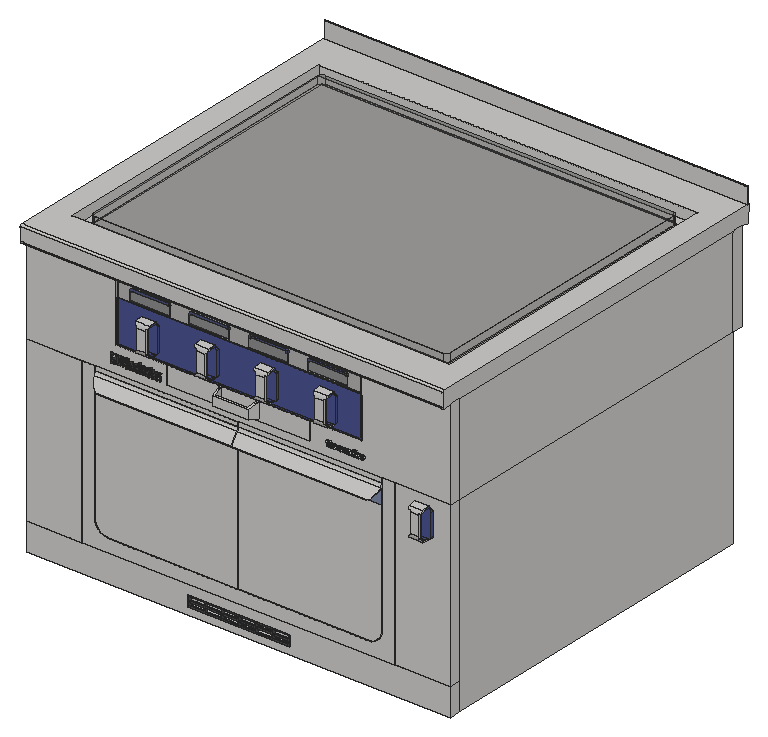
Revit family "QF_ELECTROLUXPROFESSIONAL_589699_MCLQEBJ4AO", category Attrezzature speciali, Revit 2020
Family settings
  Quota connettore circolare = Usa diametro
  Tipo di parte = Normale
  Basato su piano di lavoro = No
  Sempre verticale = Sì
  Taglio con vuoti quando caricato = No
  Condiviso = No
  Punto di calcolo locali = No
Parameters (values of type "Standard")
  Weight = 193.00 kg
  Watts = 18300 W
  Volts = 400 V
  URL Manufacturer = "https://www.electroluxprofessional.com/"
  URL = "https://www.electroluxprofessional.com/"
  Steam Supply Size = 0"
  Steam Supply Minimum Pressure = 0.00 psi
  Steam Supply Maximum Pressure = 0.00 psi
  Steam Consumption per Hour = 0
  Refrigeration Suction Line Size = 0 mm
  Refrigeration Liquid Line Size = 0 mm
  Refrigerant Compressor Remote = yes
  Prospetto di default = 0 mm
  Phase = 3
  Modello = "MCLQEBJ4AO"
  Produttore = "Electrolux Professional"
  Length Actual = 1000 mm  # constant formula
  Item Number = "589699"
  Hot Water Size = 0"
  Height Actual = 700 mm  # constant formula
  HP = "24.5 HP"
  Gas Size = 0"
  Gas KW = 0
  Gas Input Pressure = 0.0 Btu/h
  Direct Waste Size = 0"
  Descrizione = "EL.SOLID T,ECO,WARM.CAB.1S,BS,1000X900X7"
  Depth Actual = 900 mm  # constant formula
  Cycle = 50 Hz
  Condensate Return Size = 0"
  Compressed Air Volume = 0 GPM
  Compressed Air Size = 0"
  Compressed Air Pressure = 0.00 psi
  Cold Water Size = 0"
  Accessory = yes
Reference planes
  plane 1 "BACK": y = 0
  plane 2: z = 0
  plane 3 "LEFT": x = -100
  plane 4 "RIGHT": x = 900
  plane 5 "FRONT": y = -900
  plane 6 "TOP": z = 900
  plane 7 "Center (Left/Right)": x = 400
  plane 8: y = -450
  plane 9: z = 200
  plane 10: y = -150
  plane 11 "Panel": y = -855
  plane 12: z = 798
  plane 13: z = 1327
  plane 14: x = -22
  plane 15: x = 822
  plane 16: y = -150
  plane 17: y = -650
  plane 18 "EIx": x = 855
  plane 19 "EIy": y = -685
  plane 20: y = -880
  plane 21: z = 938
Forms (mm)
  Extrusion 1, solid, material "QF_Finishes_Stainless Steel"
    sketch origin (-178.969, -4572, 200) x (-1, 0, 0) y (0, -1, 0)
      loop
        line (-78.969, -4527) -> (-78.969, -3717) -> (-1078.969, -3717) -> (-1078.969, -4527) -> (-78.969, -4527)
    from 450 to 663
  Extrusion 2, solid, material "QF_Finishes_Stainless Steel"
    sketch origin (-100, 0, 0) x (0, 1, 0) y (0, 0, 1)
      loop
        line (-855, 200) -> (-855, 265) -> (-880, 265) -> (-880, 200) -> (-855, 200)
    from 0 to 1000
  Extrusion 3, solid, material "QF_Finishes_Stainless Steel"
    sketch origin (-488.969, -4662, 200) x (-1, 0, 0) y (0, -1, 0)
      loop
        circle (-1343.969, -3977) r 6.35
    from 0 to -11.851
  Extrusion 4, solid, material "QF_Finishes_Stainless Steel"
    sketch origin (400, 296.4, 1219.2) x (0, 1, 0) y (0, 0, 1)
      loop
        line (-296.4, -319.2) -> (-1191.4, -319.2)
        arc (-1191.4, -319.2) -> (-1194.935, -320.664) -> (-1196.4, -324.2) r 5
        line (-1196.4, -324.2) -> (-1196.4, -355.2)
        arc (-1196.4, -355.2) -> (-1194.971, -358.264) -> (-1191.705, -359.139) r 4
        line (-1191.705, -359.139) -> (-1176.4, -356.231) -> (-316.4, -356.231) -> (-301.094, -359.139)
        arc (-301.094, -359.139) -> (-297.829, -358.264) -> (-296.4, -355.2) r 4
        line (-296.4, -355.2) -> (-296.4, -319.2)
    from -500 to 500
  Extrusion 5, solid, material "QF_Finishes_Electrolux_Black Smoke Iluminated"
    sketch origin (0, 0, 900) x (-1, 0, 0) y (0, -1, 0)
      loop
        arc (12, 109) -> (19.071, 111.929) -> (22, 119) r 10
        line (22, 119) -> (22, 780)
        arc (22, 780) -> (19.071, 787.071) -> (12, 790) r 10
        line (12, 790) -> (-812, 790)
        arc (-812, 790) -> (-819.071, 787.071) -> (-822, 780) r 10
        line (-822, 780) -> (-822, 119)
        arc (-822, 119) -> (-819.071, 111.929) -> (-812, 109) r 10
        line (-812, 109) -> (12, 109)
    from 0 to -20
  Extrusion 6, solid, material "QF_Finishes_Stainless Steel"
    sketch origin (-178.969, -4572, 200) x (-1, 0, 0) y (0, -1, 0)
      loop
        line (-78.969, -4527) -> (-78.969, -3717) -> (-1078.969, -3717) -> (-1078.969, -4527) -> (-78.969, -4527)
    from 450 to 0
  Extrusion 7, void
    sketch origin (0, -855, 0) x (-1, 0, 0) y (0, 0, 1)
      loop
        line (-520, 216.594) -> (-280, 216.594) -> (-280, 241.594) -> (-520, 241.594) -> (-520, 216.594)
    from 0 to -25
  Extrusion 8, solid, material "QF_Finishes_Black"
    sketch origin (0, -855, 0) x (-1, 0, 0) y (0, 0, 1)
      loop
        line (-280, 241.594) -> (-520, 241.594) -> (-520, 216.594) -> (-280, 216.594) -> (-280, 241.594)
      loop
        line (-282, 239.594) -> (-319.131, 239.594) -> (-319.131, 230.094) -> (-282, 230.094) -> (-282, 239.594)
      loop
        line (-282, 218.594) -> (-282, 228.094) -> (-319.131, 228.094) -> (-319.131, 218.594) -> (-282, 218.594)
      loop
        line (-321.131, 239.594) -> (-359.066, 239.594) -> (-359.066, 230.094) -> (-321.131, 230.094) -> (-321.131, 239.594)
      loop
        line (-399, 239.594) -> (-399, 230.094) -> (-361.066, 230.094) -> (-361.066, 239.594) -> (-399, 239.594)
      loop
        line (-401, 239.594) -> (-438.934, 239.594) -> (-438.934, 230.094) -> (-401, 230.094) -> (-401, 239.594)
      loop
        line (-359.066, 218.594) -> (-321.131, 218.594) -> (-321.131, 228.094) -> (-359.066, 228.094) -> (-359.066, 218.594)
      loop
        line (-361.066, 218.594) -> (-361.066, 228.094) -> (-399, 228.094) -> (-399, 218.594) -> (-361.066, 218.594)
      loop
        line (-401, 228.094) -> (-438.934, 228.094) -> (-438.934, 218.594) -> (-401, 218.594) -> (-401, 228.094)
      loop
        line (-518, 239.594) -> (-518, 230.094) -> (-480.869, 230.094) -> (-480.869, 239.594) -> (-518, 239.594)
      loop
        line (-518, 218.594) -> (-480.869, 218.594) -> (-480.869, 228.094) -> (-518, 228.094) -> (-518, 218.594)
      loop
        line (-478.869, 239.594) -> (-478.869, 230.094) -> (-440.934, 230.094) -> (-440.934, 239.594) -> (-478.869, 239.594)
      loop
        line (-440.934, 218.594) -> (-440.934, 228.094) -> (-478.869, 228.094) -> (-478.869, 218.594) -> (-440.934, 218.594)
    from -25.03 to -20
  Extrusion 9, void
    sketch origin (0, 0, 900) x (-1, 0, 0) y (0, -1, 0)
      loop
        line (47, 815) -> (-847, 815) -> (-847, 84) -> (47, 84) -> (47, 815)
    from 0 to -25
  Extrusion 10, solid, material "QF_Finishes_Stainless Steel"
    sketch origin (0, 0, 900) x (-1, 0, 0) y (0, -1, 0)
      loop
        line (18, 113) -> (18, 786) -> (-818, 786) -> (-818, 113) -> (18, 113)
    from -20 to -25
  Extrusion 11, solid, material "QF_Finishes_Stainless Steel"
    sketch origin (400, 296.4, 1219.169) x (0, 1, 0) y (0, 0, 1)
      loop
        line (-341.4, -356.2) -> (-341.4, -569.2) -> (-316.4, -569.2) -> (-316.4, -356.2) -> (-341.4, -356.2)
    from -500 to 500
  Extrusion 12, solid, material "QF_Finishes_Stainless Steel"
    sketch origin (0, -900, 0) x (1, 0, 0) y (0, 0, 1)
      loop
        line (-100, 649.969) -> (-100, 265) -> (30, 265) -> (30, 649.969) -> (-100, 649.969)
      loop
        line (900, 650) -> (770, 650) -> (770, 265) -> (900, 265) -> (900, 650)
    from -45 to -20
  Extrusion 13, solid, material "QF_Finishes_Stainless Steel"
    sketch origin (0, -900, 0) x (1, 0, 0) y (0, 0, 1)
      loop
        line (32, 265) -> (768, 265) -> (768, 650) -> (740, 650) -> (740, 327)
        arc (740, 327) -> (730.627, 304.373) -> (708, 295) r 32
        line (708, 295) -> (92, 295)
        arc (92, 295) -> (69.373, 304.373) -> (60, 327) r 32
        line (60, 327) -> (60, 649.969) -> (32, 649.969) -> (32, 265)
    from -45 to -20
  Extrusion 14, solid, material "QF_Finishes_Stainless Steel"
    sketch origin (-100, 0, 0) x (0, 1, 0) y (0, 0, 1)
      loop
        line (0, 900) -> (0, 938) -> (-2, 938) -> (-2, 900) -> (0, 900)
    from 0 to 1000
Cuts and joins
  Extrusion 7 cuts Extrusion 6
  Extrusion 7 cuts Extrusion 2
  Extrusion 9 cuts Extrusion 4
Lines and regions (mm)
  symbolic lines
    curve 1: line (-100, 0, 200) -> (900, 0, 200)
    curve 2: line (-100, -900, 200) -> (-100, 0, 200)
    curve 3: line (900, -900, 200) -> (-100, -900, 200)
    curve 4: line (900, 0, 200) -> (900, -900, 200)
    curve 5: line (812, -109, 200) -> (-12, -109, 200)
    curve 6: line (-22, -119, 200) -> (-22, -780, 200)
    curve 7: line (-12, -790, 200) -> (812, -790, 200)
    curve 8: line (822, -780, 200) -> (822, -119, 200)
    curve 9: arc (-12, -109, 200) -> (-19.071, -111.929, 200) -> (-22, -119, 200) r 10
    curve 10: arc (822, -119, 200) -> (819.071, -111.929, 200) -> (812, -109, 200) r 10
    curve 11: arc (812, -790, 200) -> (819.071, -787.071, 200) -> (822, -780, 200) r 10
    curve 12: arc (-22, -780, 200) -> (-19.071, -787.071, 200) -> (-12, -790, 200) r 10
    curve 13: line (847, -84, 900) -> (-47, -84, 900)
    curve 14: line (-47, -84, 900) -> (-47, -815, 900)
    curve 15: line (847, -815, 900) -> (847, -84, 900)
    curve 16: line (-47, -815, 900) -> (847, -815, 900)
  model lines, style "SpecialityEquipment"
    curve 17: arc (634, -211, 900) -> (580.967, -339.033, 900) -> (709, -286, 900) r 75
    curve 18: line (689, -286, 900) -> (729, -286, 900)
    curve 19: line (729, -286, 900) -> (709, -266, 900)
    curve 20: line (689, -286, 900) -> (709, -266, 900)
    curve 21: arc (166, -211, 900) -> (112.967, -339.033, 900) -> (241, -286, 900) r 75
    curve 22: line (221, -286, 900) -> (261, -286, 900)
    curve 23: line (261, -286, 900) -> (241, -266, 900)
    curve 24: line (221, -286, 900) -> (241, -266, 900)
    curve 25: arc (634, -539, 900) -> (580.967, -667.033, 900) -> (709, -614, 900) r 75
    curve 26: line (689, -614, 900) -> (729, -614, 900)
    curve 27: line (729, -614, 900) -> (709, -594, 900)
    curve 28: line (689, -614, 900) -> (709, -594, 900)
    curve 29: arc (166, -539, 900) -> (112.967, -667.033, 900) -> (241, -614, 900) r 75
    curve 30: line (221, -614, 900) -> (261, -614, 900)
    curve 31: line (261, -614, 900) -> (241, -594, 900)
    curve 32: line (221, -614, 900) -> (241, -594, 900)
  symbolic lines, style "SpecialityEquipment"
    curve 33: line (-100, -2, 0) -> (900, -2, 0)
Dimensions and locks
  plane 3 "LEFT" to plane 4 "RIGHT" = 1000 mm
  plane 5 "FRONT" to plane 1 "BACK" = 900 mm
  plane 3 "LEFT" to plane 7 "Center (Left/Right)" to plane 4 "RIGHT" = 500 mm, 500 mm
  equal spacing: plane 5 "FRONT", plane 8, plane 1 "BACK"
  plane 6 "TOP" to level = 900 mm  (x2)
  plane 9 to level = 200 mm
  plane 1 "BACK" to plane 10 to plane 11 "Panel" = 150 mm, 705 mm  (x2)
  plane 6 "TOP" to plane 9 to level = 700 mm, 200 mm
  plane 1 "BACK" to plane 5 "FRONT" = 900 mm
  plane 1 "BACK" to Extrusion 3 = 685 mm
  plane 12 to plane 9 = 598 mm
  plane 13 to plane 6 "TOP" = 427 mm
  plane 6 "TOP" to plane 12 = 102 mm
  plane 14 to plane 3 "LEFT" = 78 mm
  plane 15 to plane 4 "RIGHT" = 78 mm
  locked: plane 1 "BACK" to plane 16 at 150
  locked: plane 16 to plane 17 at 500
  plane 11 "Panel" to plane 5 "FRONT" = 45 mm
  plane 18 "EIx" to plane 4 "RIGHT" = 45 mm
  plane 19 "EIy" to plane 1 "BACK" = 685 mm
  locked: plane 11 "Panel" to plane 20 at 25
  plane 21 to plane 6 "TOP" = 38 mm
  aligned and locked: level to plane 2
  aligned and locked: Extrusion 2 to plane 4 "RIGHT"
  aligned and locked: cut or joined group of Extrusion 4, Extrusion 9 to plane 3 "LEFT"
  aligned and locked: cut or joined group of Extrusion 4, Extrusion 9 to plane 4 "RIGHT"
  aligned and locked: cut or joined group of Extrusion 6, Extrusion 7 to plane 4 "RIGHT"
  aligned and locked: cut or joined group of Extrusion 6, Extrusion 7 to plane 3 "LEFT"
  aligned and locked: nested 2 to plane 11 "Panel"
  aligned and locked: Extrusion 1 to plane 11 "Panel"
  aligned and locked: plane 11 "Panel" to cut or joined group of Extrusion 2, Extrusion 7
  aligned and locked: nested 1 to plane 20
  aligned and locked: Extrusion 11 to plane 4 "RIGHT"
  aligned and locked: Extrusion 1 to plane 3 "LEFT"
  aligned and locked: Extrusion 11 to plane 3 "LEFT"
  aligned and locked: Extrusion 1 to plane 4 "RIGHT"
  aligned and locked: plane 7 "Center (Left/Right)" to nested 3
  aligned and locked: cut or joined group of Extrusion 6, Extrusion 7 to nested 3
  aligned and locked: Extrusion 12 to nested 2
  aligned and locked: plane 20 to Extrusion 12
  aligned and locked: plane 11 "Panel" to Extrusion 13
  aligned and locked: plane 20 to Extrusion 13
Automatic sketch dimensions
  curve 33 to plane 3 "LEFT" = 0 mm
  curve 33 to plane 4 "RIGHT" = 0 mm
  plane 1 "BACK" to curve 33 = 2 mm
  Extrusion 1 sketch curve to plane 4 "RIGHT" = 0 mm
  Extrusion 1 sketch curve to plane 3 "LEFT" = 0 mm
  Extrusion 1 sketch curve to plane 11 "Panel" = 0 mm
  plane 1 "BACK" to Extrusion 1 sketch curve = 45 mm
  Extrusion 2 sketch curve to plane 9 = 0 mm
  Extrusion 2 sketch curve to plane 20 = 0 mm
  Extrusion 2 sketch curve to plane 11 "Panel" = 0 mm
  plane 9 to Extrusion 2 sketch curve = 65 mm
  plane 1 "BACK" to curve 1 = 0 mm
  curve 1 to plane 4 "RIGHT" = 0 mm
  curve 8 to plane 15 = 0 mm
  curve 6 to plane 14 = 0 mm
  curve 2 to plane 3 "LEFT" = 0 mm
  plane 5 "FRONT" to curve 3 = 0 mm
  plane 15 to curve 5 = 10 mm
  plane 15 to curve 11 = 10 mm
  curve 5 to plane 14 = 10 mm
  curve 12 to curve 12 = 10 mm
  plane 10 to curve 5 = 41 mm
  plane 11 "Panel" to curve 11 = 75 mm
  Extrusion 3 sketch curve to plane 18 "EIx" = 0 mm
  Extrusion 3 sketch curve to plane 19 "EIy" = 0 mm
  Extrusion 4 sketch curve to plane 5 "FRONT" = 0 mm
  Extrusion 4 sketch curve to plane 6 "TOP" = 0 mm
  Extrusion 4 sketch curve to plane 20 = 0 mm
  Extrusion 4 sketch curve to plane 1 "BACK" = 0 mm
  Extrusion 4 sketch curve to Extrusion 4 sketch curve = 4 mm
  Extrusion 4 sketch curve to Extrusion 4 sketch curve = 0.695 mm
  Extrusion 4 sketch curve to plane 5 "FRONT" = 5 mm
  plane 1 "BACK" to Extrusion 4 sketch curve = 20 mm
  plane 1 "BACK" to Extrusion 4 sketch curve = 4.695 mm
  plane 1 "BACK" to Extrusion 4 sketch curve = 4 mm
  Extrusion 4 sketch curve to Extrusion 4 sketch curve = 31 mm
  Extrusion 4 sketch curve to Extrusion 4 sketch curve = 36 mm
  Extrusion 4 sketch curve to Extrusion 4 sketch curve = 2.909 mm
  Extrusion 5 sketch curve to plane 15 = 0 mm
  Extrusion 5 sketch curve to plane 14 = 0 mm
  plane 15 to Extrusion 5 sketch curve = 10 mm  (x2)
  Extrusion 5 sketch curve to Extrusion 5 sketch curve = 10 mm  (x2)
  plane 10 to Extrusion 5 sketch curve = 41 mm
  plane 11 "Panel" to Extrusion 5 sketch curve = 75 mm
  Extrusion 6 sketch curve to plane 4 "RIGHT" = 0 mm
  Extrusion 6 sketch curve to plane 3 "LEFT" = 0 mm
  Extrusion 6 sketch curve to plane 11 "Panel" = 0 mm
  plane 1 "BACK" to Extrusion 6 sketch curve = 45 mm
  plane 9 to Extrusion 7 sketch curve = 41.594 mm
  plane 7 "Center (Left/Right)" to Extrusion 7 sketch curve = 120 mm
  Extrusion 7 sketch curve to plane 7 "Center (Left/Right)" = 120 mm
  plane 9 to Extrusion 7 sketch curve = 16.594 mm
  plane 9 to Extrusion 8 sketch curve = 41.594 mm
  plane 7 "Center (Left/Right)" to Extrusion 8 sketch curve = 120 mm
  Extrusion 8 sketch curve to Extrusion 8 sketch curve = 2 mm  (x15)
  Extrusion 8 sketch curve to Extrusion 8 sketch curve = 0 mm  (x16)
  Extrusion 8 sketch curve to Extrusion 8 sketch curve = 37.131 mm  (x2)
  Extrusion 8 sketch curve to Extrusion 8 sketch curve = 37.934 mm  (x3)
  plane 7 "Center (Left/Right)" to Extrusion 8 sketch curve = 1 mm  (x2)
  Extrusion 8 sketch curve to plane 7 "Center (Left/Right)" = 1 mm  (x2)
  plane 9 to Extrusion 8 sketch curve = 18.594 mm  (x4)
  Extrusion 8 sketch curve to Extrusion 8 sketch curve = 9.5 mm  (x6)
  plane 18 "EIx" to Extrusion 9 sketch curve = 8 mm
  plane 14 to Extrusion 9 sketch curve = 25 mm
  plane 10 to Extrusion 9 sketch curve = 66 mm
  plane 11 "Panel" to Extrusion 9 sketch curve = 40 mm
  plane 15 to Extrusion 10 sketch curve = 4 mm
  Extrusion 10 sketch curve to plane 14 = 4 mm
  plane 10 to Extrusion 10 sketch curve = 37 mm
  plane 11 "Panel" to Extrusion 10 sketch curve = 69 mm
  plane 18 "EIx" to curve 16 = 8 mm
  plane 15 to curve 19 = 93 mm
  curve 27 to plane 17 = 36 mm
  plane 15 to curve 27 = 93 mm
  curve 26 to curve 27 = 20 mm
  curve 18 to curve 20 = 20 mm
  curve 19 to curve 20 = 20 mm
  curve 28 to curve 26 = 20 mm
  curve 18 to curve 17 = 55 mm
  curve 26 to curve 25 = 55 mm
  curve 31 to plane 17 = 36 mm
  curve 31 to plane 7 "Center (Left/Right)" = 139 mm
  curve 23 to plane 7 "Center (Left/Right)" = 139 mm
  curve 22 to curve 24 = 20 mm
  curve 30 to curve 31 = 20 mm
  curve 32 to curve 32 = 20 mm
  curve 23 to curve 24 = 20 mm
  curve 22 to curve 21 = 55 mm
  curve 30 to curve 29 = 55 mm
  plane 14 to curve 14 = 25 mm
  curve 22 to plane 10 = 136 mm
  curve 18 to plane 10 = 136 mm
  plane 10 to curve 13 = 66 mm
  plane 11 "Panel" to curve 15 = 40 mm
  curve 25 to curve 26 = 20 mm
  curve 17 to curve 18 = 20 mm
  curve 29 to curve 30 = 20 mm
  curve 21 to curve 22 = 20 mm
  plane 1 "BACK" to Extrusion 11 sketch curve = 45 mm
  plane 1 "BACK" to Extrusion 11 sketch curve = 20 mm
  Extrusion 11 sketch curve to plane 12 = 148.031 mm
  Extrusion 11 sketch curve to plane 6 "TOP" = 37.031 mm
  Extrusion 12 sketch curve to plane 3 "LEFT" = 0 mm
  plane 4 "RIGHT" to Extrusion 12 sketch curve = 0 mm
  Extrusion 12 sketch curve to plane 14 = 52 mm
  plane 15 to Extrusion 12 sketch curve = 52 mm
  plane 9 to Extrusion 12 sketch curve = 65 mm  (x2)
  Extrusion 12 sketch curve to plane 12 = 148.031 mm
  Extrusion 12 sketch curve to plane 12 = 148 mm
  Extrusion 13 sketch curve to plane 14 = 54 mm
  Extrusion 13 sketch curve to Extrusion 13 sketch curve = 28 mm
  Extrusion 13 sketch curve to Extrusion 13 sketch curve = 32 mm  (x2)
  plane 15 to Extrusion 13 sketch curve = 114 mm
  plane 15 to Extrusion 13 sketch curve = 54 mm
  plane 9 to Extrusion 13 sketch curve = 65 mm
  Extrusion 13 sketch curve to Extrusion 13 sketch curve = 30 mm
  Extrusion 13 sketch curve to plane 12 = 148.031 mm
  Extrusion 13 sketch curve to plane 12 = 148 mm
  Extrusion 14 sketch curve to plane 6 "TOP" = 0 mm
  Extrusion 14 sketch curve to plane 21 = 0 mm
  Extrusion 14 sketch curve to plane 1 "BACK" = 0 mm
  Extrusion 14 sketch curve to Extrusion 14 sketch curve = 2 mm
  radius of Extrusion 3 sketch curve = 6.35 mm
Nested families
  nested 1: "FIT Range Control Handle" at (835, -883.137, -372.751), type "FIT Range Control Handle"
  nested 2: "Front_Panel_W1000_Four Knobs" at (102.376, -855, 0), type "Front_Panel_W1000_Four Knobs"
  nested 3: "H450H2W1000_2DOOR" at (363.958, -855, 200) x (1, 0, 0) z (0, -1, 0), type "H450H2W1000_2DOOR"
    with Width 680 mm, Wdoor 340 mm, Show Clearance yes
  nested 4: "Warm" at (900, -900, 0), type "Warm"
Connectors
  electrical at (855, -685, 188.149)
    settings: on Extrusion 3, index 1, voltage 400 V, apparent load 33000 VA, apparent load phase1 0 VA, apparent load phase2 0 VA, apparent load phase3 0 VA, power factor 1, load classification "Other", number of poles 1, system type 30, power factor state 1, is connector primary yes, connector utility no, sub classification motor no, connector description "ELECTRICAL CONNECTION"
Definition of nested family "FIT Range Control Handle"
  Parameters
    Default Elevation = 0 mm
  Reference planes
    plane 1 "Center (Front/Back)": y = 0
    plane 2: z = 0
    plane 3 "Center (Left/Right)": x = 0
    plane 4: z = 971.092
    plane 5: y = -16.8
  Forms (mm)
    Extrusion 1, solid
      sketch origin (-746.28, 380.497, 208.931) x (-1, 0, 0) y (0, 0, 1)
        loop
          line (-770.101, 786.798) -> (-770.101, 731.649)
          arc (-770.101, 731.649) -> (-769.759, 730.563) -> (-768.855, 729.87) r 1.893
          line (-768.855, 729.87) -> (-763.474, 727.911) -> (-729.81, 727.911) -> (-724.428, 729.87)
          arc (-724.428, 729.87) -> (-723.525, 730.563) -> (-723.183, 731.649) r 1.893
          line (-723.183, 731.649) -> (-723.183, 786.798)
          arc (-723.183, 786.798) -> (-723.529, 787.894) -> (-724.44, 788.593) r 1.91
          line (-724.44, 788.593) -> (-729.683, 790.819) -> (-763.601, 790.819) -> (-768.844, 788.593)
          arc (-768.844, 788.593) -> (-769.755, 787.894) -> (-770.101, 786.798) r 1.91
      from -382.35 to -378.852
    Sweep 2, solid
      path origin (-746.788, 380.496, 208.091) x (0, -1, 0) y (0, 0, 1)
        loop
          line (379.775, 793.281) -> (395.661, 791.048)
          arc (395.661, 791.048) -> (397.781, 787.377) -> (398.517, 783.202) r 12.207
          line (398.517, 783.202) -> (398.517, 737.368)
          arc (398.517, 737.368) -> (397.781, 733.193) -> (395.661, 729.522) r 12.207
          line (395.661, 729.522) -> (379.775, 727.289)
      profile origin (-746.788, -7.222, 1000.256) x (0, -0.139173, 0.990268) y (-1, 0, 0)
        loop
          line (0.782, -763.123) -> (0.782, -730.907) -> (-1.322, -730.907) -> (-1.322, -763.123) -> (0.782, -763.123)
    Sweep 3, solid
      path origin (-746.788, 380.715, 207.832) x (0, -1, 0) y (0, 0, 1)
        loop
          line (380.478, 795.442) -> (397.218, 793.09)
          arc (397.218, 793.09) -> (399.929, 788.473) -> (400.871, 783.202) r 15.207
          line (400.871, 783.202) -> (400.871, 737.584)
          arc (400.871, 737.584) -> (399.914, 732.274) -> (397.164, 727.633) r 15.207
          line (397.164, 727.633) -> (380.601, 725.305)
      profile origin (-746.788, -8.132, 1002.099) x (0, -0.139173, 0.990268) y (-1, 0, 0)
        loop
          line (0.782, -763.123) -> (0.782, -730.907) -> (-1.322, -730.907) -> (-1.322, -763.123) -> (0.782, -763.123)
    Extrusion 4, void
      sketch origin (889.253, 220.666, 207.993) x (1, 0, 0) y (0, 0, 1)
        loop
          line (-943.038, 816.854) -> (-943.038, 703.686) -> (-899.466, 734.196) -> (-899.466, 786.344) -> (-943.038, 816.854)
      from 230.636 to 242.25
    Extrusion 5, void
      sketch origin (-888.8, 220.666, 207.993) x (-1, 0, 0) y (0, 0, -1)
        loop
          line (-943.038, -816.854) -> (-899.466, -786.344) -> (-899.466, -734.196) -> (-943.038, -703.686) -> (-943.038, -816.854)
      from 230.636 to 242.25
    Extrusion 6, solid
      sketch origin (0, 0, 0) x (1, 0, 0) y (0, 0, 1)
        loop
          circle (0, 971.092) r 7.736
      from -3.137 to -1.645
  Cuts and joins
    Extrusion 4, Extrusion 5 cuts Sweep 3
    Extrusion 4, Extrusion 5 cuts Sweep 2
    joined: Extrusion 1, Extrusion 6
  Lines and regions (mm)
    symbolic lines
      curve 1: line (-15.881, -19.189, 0) -> (-15.881, -16.8, 0)
      curve 2: line (16.334, -19.189, 0) -> (16.334, -16.8, 0)
      curve 3: spline (-15.881, -19.189, 0) -> (-15.417, -19.349, 0) -> (-14.951, -19.501, 0) -> (-14.483, -19.646, 0) -> (-14.014, -19.783, 0) -> (-13.543, -19.912, 0) -> (-13.071, -20.033, 0) -> (-12.597, -20.146, 0) -> (-12.122, -20.251, 0) -> (-11.646, -20.349, 0) -> (-11.169, -20.438, 0) -> (-10.691, -20.52, 0) -> (-10.213, -20.593, 0)
      curve 4: spline (10.666, -20.593, 0) -> (11.144, -20.52, 0) -> (11.622, -20.438, 0) -> (12.099, -20.349, 0) -> (12.575, -20.251, 0) -> (13.05, -20.146, 0) -> (13.524, -20.033, 0) -> (13.996, -19.912, 0) -> (14.467, -19.783, 0) -> (14.936, -19.646, 0) -> (15.404, -19.501, 0) -> (15.87, -19.349, 0) -> (16.334, -19.189, 0)
      curve 5: line (-10.213, -20.938, 0) -> (10.716, -20.938, 0)
  Dimensions and locks
    cut or joined group of Sweep 3, Extrusion 4, Extrusion 5 to cut or joined group of Sweep 3, Extrusion 4, Extrusion 5 = 71.686 mm
Definition of nested family "Front_Panel_W1000_Four Knobs"
  Parameters
    Default Elevation = 0 mm
  Reference planes
    plane 1 "Center (Front/Back)": y = 0
    plane 2: z = 0
    plane 3 "Center (Left/Right)": x = 297.624
    plane 4 "Left": x = -202.376
    plane 5 "Right": x = 797.624
    plane 6: y = -45
    plane 7: x = 87.624
    plane 8: x = 227.624
    plane 9: y = -310
    plane 10: y = -25
    plane 11: x = -2.376
    plane 12: x = 367.624
    plane 13: x = 507.624
    plane 14: x = 594.715
  Forms (mm)
    Extrusion 1, solid
      sketch origin (833.217, 829.203, -1.25) x (0, 1, 0) y (0, 0, 1)
        loop
          line (-854.203, 651.25) -> (-829.203, 651.25) -> (-829.203, 864.25) -> (-854.203, 864.25) -> (-854.203, 651.25)
      from -1035.593 to -35.593
    Extrusion 2, void
      sketch origin (0, 0, 0) x (1, 0, 0) y (0, 0, 1)
        loop
          line (7.624, 853.866) -> (7.624, 711.866) -> (587.624, 711.866) -> (587.624, 853.866) -> (7.624, 853.866)
      from 19.387 to 33.951
    Extrusion 3, void
      sketch origin (0, 0, 0) x (1, 0, 0) y (0, 0, 1)
        loop
          line (128.624, 711.866) -> (128.624, 668.866) -> (466.624, 668.866) -> (466.624, 711.866) -> (128.624, 711.866)
      from 19.387 to 25
    Extrusion 4, solid
      sketch origin (150, 0, 1) x (1, 0, 0) y (0, 0, 1)
        loop
          line (-21.376, 710.866) -> (-21.376, 667.866) -> (316.624, 667.866) -> (316.624, 710.866) -> (-21.376, 710.866)
      from 19.387 to 25
    Extrusion 5, solid
      sketch origin (150, 0, 1) x (1, 0, 0) y (0, 1, 0)
        loop
          line (106.059, -25) -> (100.966, -25) -> (105.646, -49.075) -> (189.603, -49.075) -> (194.283, -25) -> (189.189, -25) -> (185.481, -44.075) -> (109.767, -44.075) -> (106.059, -25)
      from 672.593 to 705.67
    Extrusion 6, void
      sketch origin (297.624, 0, 1) x (0, 1, 0) y (0, 0, 1)
        loop
          line (-30, 705.67) -> (-30, 710.67) -> (-56.744, 710.67) -> (-56.744, 667.593) -> (-30, 667.593) -> (-30, 672.593) -> (-53.776, 680.318) -> (-53.776, 697.945) -> (-30, 705.67)
      from -50 to 50
    Extrusion 7, solid, detail levels coarse
      sketch origin (150, -265, 1) x (1, 0, 0) y (0, 1, 0)
        loop
          line (106.164, -71.744) -> (189.084, -71.744) -> (194.283, -45) -> (316.624, -45) -> (316.624, 240) -> (-21.376, 240) -> (-21.376, -45) -> (100.966, -45) -> (106.164, -71.744)
      from 672.593 to 705.67
    Extrusion 8, void
      sketch origin (297.624, -280, 1) x (0, 1, 0) y (0, 0, 1)
        loop
          line (-30, 705.67) -> (-30, 710.67) -> (-56.744, 710.67) -> (-56.744, 667.593) -> (-30, 667.593) -> (-30, 672.593) -> (-53.776, 680.318) -> (-53.776, 697.945) -> (-30, 705.67)
      from -50 to 50
  Cuts and joins
    Extrusion 2, Extrusion 3 cuts Extrusion 1
    Extrusion 6 cuts Extrusion 5
    Extrusion 6, Extrusion 8 cuts Extrusion 7
  Lines and regions (mm)
    symbolic lines
      curve 1: line (128.624, -45, 0) -> (128.624, -310, 0)
      curve 2: line (128.624, -310, 0) -> (466.624, -310, 0)
      curve 3: line (466.624, -310, 0) -> (466.624, -45, 0)
      curve 4: line (128.624, -300, 0) -> (466.624, -300, 0)
      curve 5: line (250.908, -309.701, 0) -> (255.587, -333.776, 0)
      curve 6: line (255.587, -333.776, 0) -> (339.545, -333.776, 0)
      curve 7: line (339.545, -333.776, 0) -> (344.225, -309.701, 0)
      curve 8: line (256.001, -309.701, 0) -> (259.709, -328.776, 0)
      curve 9: line (259.709, -328.776, 0) -> (335.423, -328.776, 0)
      curve 10: line (335.423, -328.776, 0) -> (339.131, -309.701, 0)
  Dimensions and locks
    equal spacing: plane 5 "Right", plane 3 "Center (Left/Right)", plane 4 "Left"
    plane 5 "Right" to plane 4 "Left" = 1000 mm
    plane 3 "Center (Left/Right)" to plane 7 = 210 mm
    plane 3 "Center (Left/Right)" to plane 8 = 70 mm
    plane 6 to plane 9 = 265 mm
    plane 13 to plane 3 "Center (Left/Right)" = 210 mm
    plane 12 to plane 3 "Center (Left/Right)" = 70 mm
    aligned and locked: cut or joined group of Extrusion 1, Extrusion 2, Extrusion 3 to plane 4 "Left"
    aligned and locked: plane 5 "Right" to cut or joined group of Extrusion 1, Extrusion 2, Extrusion 3
    aligned and locked: plane 3 "Center (Left/Right)" to nested 2
    aligned and locked: cut or joined group of Extrusion 1, Extrusion 2, Extrusion 3 to nested 2
  Automatic sketch dimensions
    plane 7 to Extrusion 3 sketch curve = 41 mm
    plane 3 "Center (Left/Right)" to Extrusion 3 sketch curve = 169 mm
    level to Extrusion 3 sketch curve = 668.866 mm
    Extrusion 3 sketch curve to Extrusion 3 sketch curve = 43 mm
    Extrusion 1 sketch curve to plane 1 "Center (Front/Back)" = 0 mm
    level to Extrusion 1 sketch curve = 650 mm
    plane 4 "Left" to Extrusion 2 sketch curve = 210 mm
    Extrusion 2 sketch curve to plane 5 "Right" = 210 mm
    level to Extrusion 2 sketch curve = 711.866 mm
    Extrusion 2 sketch curve to Extrusion 2 sketch curve = 142 mm
    plane 6 to curve 1 = 0 mm
    plane 6 to curve 3 = 0 mm
    plane 9 to curve 1 = 0 mm
    plane 7 to curve 1 = 41 mm
    curve 1 to curve 4 = 10 mm
    Extrusion 1 sketch curve to plane 6 = 20 mm
    Extrusion 1 sketch curve to Extrusion 1 sketch curve = 213 mm
    plane 7 to Extrusion 4 sketch curve = 41 mm
    Extrusion 4 sketch curve to plane 13 = 41 mm
    level to Extrusion 4 sketch curve = 668.866 mm
    Extrusion 4 sketch curve to Extrusion 4 sketch curve = 43 mm
    plane 10 to Extrusion 5 sketch curve = 0 mm  (x2)
    plane 8 to Extrusion 5 sketch curve = 23.342 mm
    plane 6 to Extrusion 5 sketch curve = 4.075 mm
    Extrusion 5 sketch curve to Extrusion 5 sketch curve = 4.68 mm
    Extrusion 5 sketch curve to Extrusion 5 sketch curve = 5.094 mm  (x2)
    Extrusion 5 sketch curve to plane 6 = 0.925 mm
    Extrusion 5 sketch curve to Extrusion 5 sketch curve = 4.122 mm  (x2)
    Extrusion 5 sketch curve to plane 12 = 32.143 mm
    Extrusion 5 sketch curve to Extrusion 5 sketch curve = 3.708 mm
    plane 6 to Extrusion 6 sketch curve = 11.744 mm
    plane 6 to Extrusion 6 sketch curve = 8.776 mm
    plane 10 to Extrusion 6 sketch curve = 5 mm  (x2)
    level to Extrusion 6 sketch curve = 668.593 mm
    Extrusion 6 sketch curve to Extrusion 6 sketch curve = 5 mm
    Extrusion 6 sketch curve to Extrusion 6 sketch curve = 12.725 mm  (x2)
    Extrusion 6 sketch curve to Extrusion 6 sketch curve = 17.627 mm
    Extrusion 6 sketch curve to Extrusion 6 sketch curve = 7.725 mm
    plane 10 to Extrusion 7 sketch curve = 0 mm
    Extrusion 7 sketch curve to plane 9 = 0 mm  (x2)
    plane 7 to Extrusion 7 sketch curve = 41 mm
    plane 8 to Extrusion 7 sketch curve = 23.342 mm
    Extrusion 7 sketch curve to Extrusion 7 sketch curve = 5.199 mm
    Extrusion 7 sketch curve to plane 12 = 28.54 mm
    Extrusion 7 sketch curve to plane 12 = 23.342 mm
    Extrusion 7 sketch curve to plane 13 = 41 mm
    Extrusion 7 sketch curve to plane 9 = 26.744 mm
    Extrusion 8 sketch curve to plane 9 = 0 mm  (x2)
    Extrusion 8 sketch curve to plane 9 = 23.776 mm
    Extrusion 8 sketch curve to Extrusion 8 sketch curve = 2.968 mm
    level to Extrusion 8 sketch curve = 668.593 mm
    Extrusion 8 sketch curve to Extrusion 8 sketch curve = 5 mm
    Extrusion 8 sketch curve to Extrusion 8 sketch curve = 12.725 mm  (x2)
    Extrusion 8 sketch curve to Extrusion 8 sketch curve = 17.627 mm
    Extrusion 8 sketch curve to Extrusion 8 sketch curve = 7.725 mm
    curve 3 to plane 13 = 41 mm
    plane 9 to curve 5 = 0.299 mm
    plane 8 to curve 5 = 23.283 mm
    curve 5 to curve 5 = 4.68 mm
    plane 9 to curve 8 = 0.299 mm
    curve 5 to curve 8 = 5.094 mm
    curve 5 to curve 9 = 4.122 mm
    curve 9 to plane 12 = 32.201 mm
    plane 9 to curve 10 = 0.299 mm
    curve 9 to curve 10 = 3.708 mm
    curve 9 to curve 7 = 4.122 mm
    plane 9 to curve 7 = 0.299 mm
    curve 10 to curve 7 = 5.094 mm
    curve 9 to plane 9 = 18.776 mm
    curve 6 to curve 8 = 5 mm
  Nested families
    nested 1: "Range Control Handle" at (87.624, -28.137, -209.113) x (-1, 0, 0) z (0, 0, 1), type "Range Control Handle"
    nested 2: "Front glass control panel W1000" at (297.624, 280.644, 2.752), type "Front glass control panel W1000"
    nested 3: "Range Control Handle" at (227.624, -28.137, -209.113) x (-1, 0, 0) z (0, 0, 1), type "Range Control Handle"
    nested 4: "Range Control Handle" at (367.624, -28.137, -209.113), type "Range Control Handle"
    nested 5: "Range Control Handle" at (507.624, -28.137, -209.113), type "Range Control Handle"
    nested 6: "ELX_ThermaLine_Small" at (546.122, -25, 679.426) x (1, 0, 0) z (0, -1, 0), type "ELX_ThermaLine_Small"
      with Show Logo yes, Material_Logo none
    nested 7: "ELX_Professional_Logo_Small" at (57.11, -25, 681.659) x (1, 0, 0) z (0, -1, 0), type "ELX_Professional_Logo_Small"
      with Show Logo yes, Material_Logo none
  Definition of nested family "Range Control Handle"
    Parameters
      Default Elevation = 0 mm
    Reference planes
      plane 1 "Center (Front/Back)": y = 0
      plane 2: z = 0
      plane 3 "Center (Left/Right)": x = 0
      plane 4: z = 971.092
      plane 5: y = -16.9
    Forms (mm)
      Extrusion 1, solid
        sketch origin (-746.28, 380.497, 208.931) x (-1, 0, 0) y (0, 0, 1)
          loop
            line (-770.101, 786.798) -> (-770.101, 731.649)
            arc (-770.101, 731.649) -> (-769.759, 730.563) -> (-768.855, 729.87) r 1.893
            line (-768.855, 729.87) -> (-763.474, 727.911) -> (-729.81, 727.911) -> (-724.428, 729.87)
            arc (-724.428, 729.87) -> (-723.525, 730.563) -> (-723.183, 731.649) r 1.893
            line (-723.183, 731.649) -> (-723.183, 786.798)
            arc (-723.183, 786.798) -> (-723.529, 787.894) -> (-724.44, 788.593) r 1.91
            line (-724.44, 788.593) -> (-729.683, 790.819) -> (-763.601, 790.819) -> (-768.844, 788.593)
            arc (-768.844, 788.593) -> (-769.755, 787.894) -> (-770.101, 786.798) r 1.91
        from -382.35 to -378.852
      Sweep 2, solid
        path origin (-746.788, 380.496, 208.091) x (0, -1, 0) y (0, 0, 1)
          loop
            line (379.775, 793.281) -> (395.661, 791.048)
            arc (395.661, 791.048) -> (397.781, 787.377) -> (398.517, 783.202) r 12.207
            line (398.517, 783.202) -> (398.517, 737.368)
            arc (398.517, 737.368) -> (397.781, 733.193) -> (395.661, 729.522) r 12.207
            line (395.661, 729.522) -> (379.775, 727.289)
        profile origin (-746.788, -7.222, 1000.256) x (0, -0.139173, 0.990268) y (-1, 0, 0)
          loop
            line (0.782, -763.123) -> (0.782, -730.907) -> (-1.322, -730.907) -> (-1.322, -763.123) -> (0.782, -763.123)
      Sweep 3, solid
        path origin (-746.788, 380.715, 207.832) x (0, -1, 0) y (0, 0, 1)
          loop
            line (380.478, 795.442) -> (397.218, 793.09)
            arc (397.218, 793.09) -> (399.929, 788.473) -> (400.871, 783.202) r 15.207
            line (400.871, 783.202) -> (400.871, 737.584)
            arc (400.871, 737.584) -> (399.914, 732.274) -> (397.164, 727.633) r 15.207
            line (397.164, 727.633) -> (380.601, 725.305)
        profile origin (-746.788, -8.132, 1002.099) x (0, -0.139173, 0.990268) y (-1, 0, 0)
          loop
            line (0.782, -763.123) -> (0.782, -730.907) -> (-1.322, -730.907) -> (-1.322, -763.123) -> (0.782, -763.123)
      Extrusion 4, void
        sketch origin (889.253, 220.666, 207.993) x (1, 0, 0) y (0, 0, 1)
          loop
            line (-943.038, 816.854) -> (-943.038, 703.686) -> (-899.466, 734.196) -> (-899.466, 786.344) -> (-943.038, 816.854)
        from 230.636 to 242.25
      Extrusion 5, void
        sketch origin (-888.8, 220.666, 207.993) x (-1, 0, 0) y (0, 0, -1)
          loop
            line (-943.038, -816.854) -> (-899.466, -786.344) -> (-899.466, -734.196) -> (-943.038, -703.686) -> (-943.038, -816.854)
        from 230.636 to 242.25
      Extrusion 6, solid
        sketch origin (0, 0, 0) x (1, 0, 0) y (0, 0, 1)
          loop
            circle (0, 971.092) r 7.736
        from -3.137 to -1.645
    Cuts and joins
      Extrusion 4, Extrusion 5 cuts Sweep 3
      Extrusion 4, Extrusion 5 cuts Sweep 2
      joined: Extrusion 1, Extrusion 6
    Lines and regions (mm)
      symbolic lines
        curve 1: line (16.334, -16.9, 0) -> (16.334, -19.227, 0)
        curve 2: spline (16.334, -19.227, 0) -> (15.87, -19.385, 0) -> (15.404, -19.536, 0) -> (14.936, -19.678, 0) -> (14.466, -19.813, 0) -> (13.995, -19.94, 0) -> (13.523, -20.059, 0) -> (13.049, -20.171, 0) -> (12.575, -20.274, 0) -> (12.099, -20.37, 0) -> (11.622, -20.458, 0) -> (11.144, -20.537, 0) -> (10.666, -20.609, 0)
        curve 3: line (10.666, -16.9, 0) -> (10.666, -20.938, 0)
        curve 4: line (-10.213, -20.938, 0) -> (10.666, -20.938, 0)
        curve 5: line (-10.213, -20.938, 0) -> (-10.213, -16.9, 0)
        curve 6: spline (-10.213, -20.609, 0) -> (-10.691, -20.537, 0) -> (-11.169, -20.458, 0) -> (-11.646, -20.37, 0) -> (-12.122, -20.274, 0) -> (-12.597, -20.171, 0) -> (-13.07, -20.059, 0) -> (-13.542, -19.94, 0) -> (-14.013, -19.813, 0) -> (-14.483, -19.678, 0) -> (-14.951, -19.536, 0) -> (-15.417, -19.385, 0) -> (-15.881, -19.227, 0)
        curve 7: line (-15.881, -19.227, 0) -> (-15.881, -16.9, 0)
  Definition of nested family "Front glass control panel W1000"
    Parameters
      Default Elevation = 0 mm
    Reference planes
      plane 1 "Center (Front/Back)": y = 0
      plane 2: z = 0
      plane 3 "Center (Left/Right)": x = 0
    Forms (mm)
      Extrusion 1, solid
        sketch origin (378.286, 0, 0.617) x (1, 0, 0) y (0, 0, 1)
          loop
            line (-668.286, 806.791) -> (-668.286, 708.497) -> (-88.286, 708.497) -> (-88.286, 806.791) -> (-668.286, 806.791)
        from 300.031 to 304.8
      Extrusion 2, solid
        sketch origin (378.286, 0, 0.617) x (1, 0, 0) y (0, 0, 1)
          loop
            line (-668.286, 850.497) -> (-668.286, 806.791) -> (-88.286, 806.791) -> (-88.286, 850.497) -> (-668.286, 850.497)
        from 300.031 to 304.8
      Extrusion 3, void
        sketch origin (378.286, 0, 0.617) x (1, 0, 0) y (0, 0, 1)
          loop
            line (-665.628, 847.565) -> (-665.628, 710.699) -> (-91.196, 710.699) -> (-91.196, 847.565) -> (-665.628, 847.565)
        from 303.697 to 304.8
      Extrusion 4, solid
        sketch origin (-378.333, 1.101, -0.633) x (-1, 0, 0) y (0, 0, -1)
          loop
            line (-261.431, -812.62) -> (-355.186, -812.62) -> (-355.186, -834.177) -> (-350.269, -834.177) -> (-348.469, -835.977) -> (-268.039, -835.977) -> (-266.24, -834.177) -> (-261.431, -834.177) -> (-261.431, -812.62)
        from 304.798 to 306.745
      Extrusion 5, solid
        sketch origin (-378.333, 1.101, -0.633) x (-1, 0, 0) y (0, 0, -1)
          loop
            line (-350.269, -834.177) -> (-355.078, -834.177)
            arc (-355.078, -834.177) -> (-353.942, -838.747) -> (-349.686, -840.763) r 5.5
            line (-349.686, -840.763) -> (-266.98, -840.763)
            arc (-266.98, -840.763) -> (-262.706, -838.752) -> (-261.529, -834.177) r 5.549
            line (-261.529, -834.177) -> (-266.24, -834.177) -> (-268.039, -835.977) -> (-348.469, -835.977) -> (-350.269, -834.177)
        from 304.798 to 306.745
      Extrusion 6, solid
        sketch origin (-518.333, 1.101, -0.633) x (-1, 0, 0) y (0, 0, -1)
          loop
            line (-261.431, -812.62) -> (-355.186, -812.62) -> (-355.186, -834.177) -> (-350.269, -834.177) -> (-348.469, -835.977) -> (-268.039, -835.977) -> (-266.24, -834.177) -> (-261.431, -834.177) -> (-261.431, -812.62)
        from 304.798 to 306.745
      Extrusion 7, solid
        sketch origin (-518.333, 1.101, -0.633) x (-1, 0, 0) y (0, 0, -1)
          loop
            line (-350.269, -834.177) -> (-355.078, -834.177)
            arc (-355.078, -834.177) -> (-353.942, -838.747) -> (-349.686, -840.763) r 5.5
            line (-349.686, -840.763) -> (-266.98, -840.763)
            arc (-266.98, -840.763) -> (-262.706, -838.752) -> (-261.529, -834.177) r 5.549
            line (-261.529, -834.177) -> (-266.24, -834.177) -> (-268.039, -835.977) -> (-348.469, -835.977) -> (-350.269, -834.177)
        from 304.798 to 306.745
      Extrusion 8, solid
        sketch origin (378.333, 1.101, -0.633) x (1, 0, 0) y (0, 0, 1)
          loop
            line (-261.431, 812.62) -> (-261.431, 834.177) -> (-266.24, 834.177) -> (-268.039, 835.977) -> (-348.469, 835.977) -> (-350.269, 834.177) -> (-355.186, 834.177) -> (-355.186, 812.62) -> (-261.431, 812.62)
        from 304.798 to 306.745
      Extrusion 9, solid
        sketch origin (378.333, 1.101, -0.633) x (1, 0, 0) y (0, 0, 1)
          loop
            line (-350.269, 834.177) -> (-348.469, 835.977) -> (-268.039, 835.977) -> (-266.24, 834.177) -> (-261.529, 834.177)
            arc (-261.529, 834.177) -> (-262.706, 838.752) -> (-266.98, 840.763) r 5.549
            line (-266.98, 840.763) -> (-349.686, 840.763)
            arc (-349.686, 840.763) -> (-353.942, 838.747) -> (-355.078, 834.177) r 5.5
            line (-355.078, 834.177) -> (-350.269, 834.177)
        from 304.798 to 306.745
      Extrusion 10, solid
        sketch origin (518.333, 1.101, -0.633) x (1, 0, 0) y (0, 0, 1)
          loop
            line (-261.431, 812.62) -> (-261.431, 834.177) -> (-266.24, 834.177) -> (-268.039, 835.977) -> (-348.469, 835.977) -> (-350.269, 834.177) -> (-355.186, 834.177) -> (-355.186, 812.62) -> (-261.431, 812.62)
        from 304.798 to 306.745
      Extrusion 11, solid
        sketch origin (518.333, 1.101, -0.633) x (1, 0, 0) y (0, 0, 1)
          loop
            line (-350.269, 834.177) -> (-348.469, 835.977) -> (-268.039, 835.977) -> (-266.24, 834.177) -> (-261.529, 834.177)
            arc (-261.529, 834.177) -> (-262.706, 838.752) -> (-266.98, 840.763) r 5.549
            line (-266.98, 840.763) -> (-349.686, 840.763)
            arc (-349.686, 840.763) -> (-353.942, 838.747) -> (-355.078, 834.177) r 5.5
            line (-355.078, 834.177) -> (-350.269, 834.177)
        from 304.798 to 306.745
    Cuts and joins
      Extrusion 3 cuts Extrusion 1
      Extrusion 3 cuts Extrusion 2
    Dimensions and locks
      aligned and locked: Extrusion 1 to Extrusion 2
      aligned and locked: Extrusion 5 sketch curve to Extrusion 4  (x5)
      aligned and locked: Extrusion 5 to Extrusion 4
      aligned and locked: Extrusion 7 sketch curve to Extrusion 6  (x5)
      aligned and locked: Extrusion 7 to Extrusion 6
      aligned and locked: Extrusion 9 sketch curve to Extrusion 8  (x4)
      aligned and locked: Extrusion 8 to Extrusion 9 sketch curve
      aligned and locked: Extrusion 9 to Extrusion 8
      aligned and locked: Extrusion 11 sketch curve to Extrusion 10  (x4)
      aligned and locked: Extrusion 10 to Extrusion 11 sketch curve
      aligned and locked: Extrusion 11 to Extrusion 10
  Definition of nested family "ELX_ThermaLine_Small"
    Parameters
      Show Logo [instance] = yes
      Material_Logo [instance] = none
      Default Elevation = 0 mm
    Reference planes
      plane 1 "Centro (Fronte/Retro)": y = 0
      plane 2: z = 0
      plane 3 "Centro (Sinistra/Destra)": x = 0
    Forms (mm)
      Extrusion 1, solid
        sketch origin (0, 0, 0) x (1, 0, 0) y (0, 1, 0)
          loop
            line (-1219.2, 1219.2) -> (-1219.2, -1219.2) -> (1219.2, -1219.2) -> (1219.2, 1219.2) -> (-1219.2, 1219.2)
        from 0 to -304.8
      Extrusion 2, solid
        sketch origin (0, 0, 0) x (1, 0, 0) y (0, 1, 0)
          loop
            line (-37.494, 1.229) -> (-35.908, 1.229) -> (-35.908, 3.066) -> (-37.494, 3.066) -> (-37.494, 6.221) -> (-39.867, 4.881) -> (-39.867, 3.066) -> (-40.969, 3.066) -> (-40.969, 1.229) -> (-39.867, 1.229) -> (-39.867, -3.407)
            arc (-39.867, -3.407) -> (-38.982, -5.513) -> (-36.751, -6.001) r 2.478
            line (-36.751, -6.001) -> (-35.638, -5.7) -> (-35.9, -3.835) -> (-36.661, -4.039)
            arc (-36.661, -4.039) -> (-37.236, -3.924) -> (-37.494, -3.399) r 0.662
            line (-37.494, -3.399) -> (-37.494, 1.229)
          loop
            line (-34.242, 6.539) -> (-34.242, -5.848) -> (-31.854, -5.848) -> (-31.854, -0.078)
            arc (-31.854, -0.078) -> (-30.939, 1.249) -> (-29.33, 1.367) r 1.866
            arc (-29.33, 1.367) -> (-28.695, 0.768) -> (-28.461, -0.073) r 1.627
            line (-28.461, -0.073) -> (-28.461, -5.848) -> (-26.086, -5.848) -> (-26.064, -0.46)
            arc (-26.064, -0.46) -> (-26.261, 0.932) -> (-26.786, 2.237) r 5.825
            arc (-26.786, 2.237) -> (-29.381, 3.264) -> (-31.854, 1.971) r 3.353
            line (-31.854, 1.971) -> (-31.854, 6.539) -> (-34.242, 6.539)
          loop
            arc (-18.398, -0.598) -> (-18.893, 0.879) -> (-20.326, 1.487) r 1.897
            arc (-20.326, 1.487) -> (-21.461, 0.708) -> (-21.897, -0.598) r 2.164
            line (-21.897, -0.598) -> (-18.398, -0.598)
          loop
            arc (-16.021, -2.044) -> (-16.754, 1.227) -> (-19.444, 3.226) r 4.814
            arc (-19.444, 3.226) -> (-22.137, 2.788) -> (-23.943, 0.743) r 4.054
            arc (-23.943, 0.743) -> (-24.382, -1.249) -> (-24.162, -3.276) r 6.289
            arc (-24.162, -3.276) -> (-23.302, -4.71) -> (-21.958, -5.705) r 4.28
            arc (-21.958, -5.705) -> (-18.558, -5.814) -> (-16.152, -3.409) r 4.28
            line (-16.152, -3.409) -> (-18.5, -2.995)
            arc (-18.5, -2.995) -> (-19.273, -3.994) -> (-20.533, -4.076) r 1.536
            arc (-20.533, -4.076) -> (-21.56, -3.281) -> (-21.958, -2.044) r 2.197
            line (-21.958, -2.044) -> (-16.021, -2.044)
          loop
            line (-14.165, -5.848) -> (-11.819, -5.848) -> (-11.819, -2.138)
            arc (-11.819, -2.138) -> (-11.787, -1.156) -> (-11.637, -0.185) r 8.18
            arc (-11.637, -0.185) -> (-10.644, 0.972) -> (-9.132, 0.776) r 1.603
            line (-9.132, 0.776) -> (-8.419, 2.846)
            arc (-8.419, 2.846) -> (-10.432, 3.118) -> (-11.994, 1.821) r 2.527
            line (-11.994, 1.821) -> (-11.994, 3.094) -> (-14.165, 3.094) -> (-14.165, -5.848)
          loop
            line (-7.579, 3.094) -> (-7.579, -5.848) -> (-5.178, -5.848) -> (-5.178, -0.756)
            arc (-5.178, -0.756) -> (-4.727, 0.679) -> (-3.417, 1.419) r 2.05
            arc (-3.417, 1.419) -> (-2.499, 0.908) -> (-2.155, -0.085) r 1.471
            line (-2.155, -0.085) -> (-2.155, -5.848) -> (0.23, -5.848) -> (0.23, -1.001)
            arc (0.23, -1.001) -> (0.47, 0.127) -> (1.148, 1.061) r 2.775
            arc (1.148, 1.061) -> (2.225, 1.329) -> (3.05, 0.587) r 1.182
            arc (3.05, 0.587) -> (3.199, -0.019) -> (3.214, -0.642) r 2.894
            line (3.214, -0.642) -> (3.214, -5.848) -> (5.601, -5.848) -> (5.601, 0.261)
            arc (5.601, 0.261) -> (4.87, 2.263) -> (2.976, 3.241) r 2.932
            arc (2.976, 3.241) -> (1.284, 2.973) -> (-0.047, 1.896) r 3.309
            arc (-0.047, 1.896) -> (-1.116, 2.865) -> (-2.506, 3.258) r 3.16
            arc (-2.506, 3.258) -> (-4.105, 2.942) -> (-5.376, 1.92) r 3.419
            line (-5.376, 1.92) -> (-5.376, 3.094) -> (-7.579, 3.094)
          loop
            line (7.583, 0.738) -> (9.702, 0.364)
            arc (9.702, 0.364) -> (11.441, 1.492) -> (12.855, -0.023) r 1.613
            line (12.855, -0.023) -> (9.782, -0.789)
            arc (9.782, -0.789) -> (8.559, -1.346) -> (7.617, -2.305) r 3.687
            arc (7.617, -2.305) -> (7.499, -3.681) -> (7.901, -5.003) r 3.651
            arc (7.901, -5.003) -> (9.107, -5.766) -> (10.515, -6.006) r 3.635
            arc (10.515, -6.006) -> (11.898, -5.697) -> (13.067, -4.895) r 3.734
            line (13.067, -4.895) -> (13.376, -5.848) -> (15.75, -5.848) -> (15.212, -4.193) -> (15.212, 0.38)
            arc (15.212, 0.38) -> (14.897, 1.849) -> (13.818, 2.895) r 2.585
            arc (13.818, 2.895) -> (11.792, 3.442) -> (9.719, 3.11) r 5.005
            arc (9.719, 3.11) -> (8.369, 2.178) -> (7.583, 0.738) r 3.54
          loop
            line (19.723, -5.848) -> (22.233, -5.848) -> (24.854, 6.484) -> (22.345, 6.484) -> (19.723, -5.848)
          loop
            line (24.583, -5.848) -> (26.953, -5.848) -> (28.848, 3.066) -> (26.478, 3.066) -> (24.583, -5.848)
          loop
            line (27.204, 6.484) -> (26.741, 4.305) -> (29.111, 4.305) -> (29.575, 6.484) -> (27.204, 6.484)
          loop
            line (29.355, -5.848) -> (31.849, -5.848) -> (33.098, 0.028)
            arc (33.098, 0.028) -> (34.169, 1.306) -> (35.832, 1.422) r 2.132
            arc (35.832, 1.422) -> (36.324, 0.752) -> (36.383, -0.078) r 1.5
            line (36.383, -0.078) -> (35.157, -5.848) -> (37.536, -5.848) -> (38.936, 0.738)
            arc (38.936, 0.738) -> (38.775, 2.091) -> (37.825, 3.066) r 2.118
            arc (37.825, 3.066) -> (35.392, 3.175) -> (33.295, 1.937) r 4.271
            line (33.295, 1.937) -> (33.535, 3.066) -> (31.25, 3.066) -> (29.355, -5.848)
          loop
            line (42.792, -0.64) -> (46.589, -0.64)
            arc (46.589, -0.64) -> (46.639, 0.124) -> (46.327, 0.823) r 1.589
            arc (46.327, 0.823) -> (45.117, 1.521) -> (43.762, 1.183) r 1.865
            arc (43.762, 1.183) -> (43.141, 0.344) -> (42.792, -0.64) r 3.538
          loop
            line (42.565, -2.138) -> (48.593, -2.138)
            arc (48.593, -2.138) -> (48.58, 0.597) -> (46.983, 2.818) r 4.494
            arc (46.983, 2.818) -> (44.191, 3.28) -> (41.725, 1.891) r 4.26
            arc (41.725, 1.891) -> (40.503, -0.3) -> (40.284, -2.799) r 6.003
            arc (40.284, -2.799) -> (40.959, -4.468) -> (42.377, -5.576) r 3.482
            arc (42.377, -5.576) -> (44.265, -5.961) -> (46.152, -5.576) r 4.823
            arc (46.152, -5.576) -> (47.432, -4.731) -> (48.328, -3.485) r 4.245
            line (48.328, -3.485) -> (46.168, -3.105)
            arc (46.168, -3.105) -> (45.214, -4.072) -> (43.859, -4.181) r 1.953
            arc (43.859, -4.181) -> (42.821, -3.408) -> (42.565, -2.138) r 1.81
          loop
            line (12.868, -1.553) -> (10.216, -2.214)
            arc (10.216, -2.214) -> (9.747, -3.136) -> (10.216, -4.058) r 1.14
            arc (10.216, -4.058) -> (11.537, -4.249) -> (12.614, -3.46) r 1.763
            arc (12.614, -3.46) -> (12.858, -2.522) -> (12.868, -1.553) r 3.97
        from 0 to 1.6
    Dimensions and locks
      aligned and locked: plane 2 to Extrusion 1
      aligned and locked: level to Extrusion 1
  Definition of nested family "ELX_Professional_Logo_Small"
    Parameters
      Show Logo [instance] = yes
      Material_Logo [instance] = none
      Default Elevation = 0 mm
    Reference planes
      plane 1 "Centro (Fronte/Retro)": y = 0
      plane 2: z = 0
      plane 3 "Centro (Sinistra/Destra)": x = 0
    Forms (mm)
      Extrusion 1, solid
        sketch origin (0, 0, 0) x (1, 0, 0) y (0, 1, 0)
          loop
            line (-1219.2, 1219.2) -> (-1219.2, -1219.2) -> (1219.2, -1219.2) -> (1219.2, 1219.2) -> (-1219.2, 1219.2)
        from 0 to -304.8
      Extrusion 2, solid, material <- "Material_Logo"
        sketch origin (15.5, 0, 0) x (1, 0, 0) y (0, 1, 0)
          loop
            spline (-42.99, -1.24) -> (-43.195, -1.231) -> (-43.415, -1.203) -> (-43.642, -1.152) -> (-43.87, -1.074) -> (-44.095, -0.966) -> (-44.309, -0.825) -> (-44.506, -0.647) -> (-44.681, -0.429) -> (-44.828, -0.167) -> (-44.94, 0.142) -> (-45.011, 0.501) -> (-45.037, 0.915)
            line (-45.037, 0.915) -> (-45.037, 2.748) -> (-38.984, 2.748) -> (-38.984, 5.086) -> (-45.038, 5.086) -> (-45.038, 8.489) -> (-38.599, 8.489) -> (-38.599, 10.82) -> (-47.515, 10.82) -> (-47.515, 1.021)
            spline (-47.515, 1.021) -> (-47.493, 0.418) -> (-47.425, -0.15) -> (-47.311, -0.682) -> (-47.15, -1.175) -> (-46.939, -1.628) -> (-46.678, -2.038) -> (-46.365, -2.404) -> (-46, -2.723) -> (-45.58, -2.995) -> (-45.105, -3.216) -> (-44.573, -3.385) -> (-43.983, -3.499)
            line (-43.983, -3.499) -> (-43.01, -3.569) -> (-38.426, -3.569) -> (-38.426, -1.24) -> (-42.99, -1.24)
          loop
            line (-36.666, 4.021) -> (-36.666, -3.573) -> (-34.188, -3.573) -> (-34.188, 10.824) -> (-36.666, 10.824) -> (-36.666, 4.021)
          loop
            spline (-21.915, 1.897) -> (-21.957, 2.615) -> (-22.082, 3.303) -> (-22.285, 3.955) -> (-22.563, 4.564) -> (-22.913, 5.124) -> (-23.331, 5.629) -> (-23.814, 6.074) -> (-24.359, 6.451) -> (-24.961, 6.755) -> (-25.618, 6.98) -> (-26.326, 7.119) -> (-27.081, 7.167)
            spline (-27.081, 7.167) -> (-27.853, 7.122) -> (-28.586, 6.99) -> (-29.275, 6.774) -> (-29.915, 6.478) -> (-30.5, 6.104) -> (-31.024, 5.657) -> (-31.483, 5.138) -> (-31.871, 4.553) -> (-32.182, 3.904) -> (-32.411, 3.194) -> (-32.552, 2.427) -> (-32.6, 1.606)
            spline (-32.6, 1.606) -> (-32.553, 0.805) -> (-32.416, 0.057) -> (-32.193, -0.637) -> (-31.887, -1.271) -> (-31.504, -1.843) -> (-31.048, -2.35) -> (-30.523, -2.788) -> (-29.934, -3.154) -> (-29.284, -3.444) -> (-28.579, -3.656) -> (-27.822, -3.785) -> (-27.019, -3.829)
            spline (-27.019, -3.829) -> (-26.627, -3.82) -> (-26.239, -3.79) -> (-25.856, -3.739) -> (-25.477, -3.663) -> (-25.103, -3.562) -> (-24.734, -3.432) -> (-24.369, -3.273) -> (-24.01, -3.082) -> (-23.655, -2.858) -> (-23.305, -2.597) -> (-22.96, -2.299) -> (-22.621, -1.962)
            line (-22.621, -1.962) -> (-24.114, -0.509)
            spline (-24.114, -0.509) -> (-24.311, -0.699) -> (-24.509, -0.872) -> (-24.71, -1.03) -> (-24.915, -1.172) -> (-25.126, -1.297) -> (-25.346, -1.407) -> (-25.576, -1.5) -> (-25.817, -1.576) -> (-26.072, -1.636) -> (-26.342, -1.678) -> (-26.629, -1.704) -> (-26.936, -1.713)
            spline (-26.936, -1.713) -> (-27.384, -1.691) -> (-27.805, -1.625) -> (-28.196, -1.518) -> (-28.556, -1.372) -> (-28.882, -1.187) -> (-29.174, -0.966) -> (-29.429, -0.71) -> (-29.645, -0.422) -> (-29.821, -0.102) -> (-29.955, 0.247) -> (-30.045, 0.623) -> (-30.089, 1.026)
            line (-30.089, 1.026) -> (-21.956, 1.026) -> (-21.915, 1.897)
          loop
            spline (-24.446, 2.769) -> (-24.47, 3.075) -> (-24.54, 3.37) -> (-24.654, 3.65) -> (-24.807, 3.913) -> (-24.996, 4.156) -> (-25.219, 4.376) -> (-25.472, 4.57) -> (-25.753, 4.736) -> (-26.057, 4.869) -> (-26.382, 4.968) -> (-26.724, 5.03) -> (-27.081, 5.051)
            spline (-27.081, 5.051) -> (-27.464, 5.03) -> (-27.832, 4.97) -> (-28.183, 4.872) -> (-28.513, 4.74) -> (-28.819, 4.577) -> (-29.099, 4.384) -> (-29.347, 4.165) -> (-29.563, 3.923) -> (-29.742, 3.659) -> (-29.881, 3.377) -> (-29.977, 3.079) -> (-30.027, 2.769)
            line (-30.027, 2.769) -> (-24.446, 2.769)
          loop
            spline (-18.167, 1.669) -> (-18.138, 2.13) -> (-18.055, 2.567) -> (-17.921, 2.978) -> (-17.739, 3.358) -> (-17.512, 3.705) -> (-17.243, 4.016) -> (-16.937, 4.287) -> (-16.596, 4.517) -> (-16.223, 4.7) -> (-15.823, 4.835) -> (-15.398, 4.919) -> (-14.951, 4.947)
            spline (-14.951, 4.947) -> (-14.677, 4.938) -> (-14.414, 4.913) -> (-14.162, 4.871) -> (-13.921, 4.812) -> (-13.69, 4.738) -> (-13.467, 4.649) -> (-13.254, 4.544) -> (-13.048, 4.424) -> (-12.85, 4.291) -> (-12.659, 4.143) -> (-12.474, 3.981) -> (-12.295, 3.806)
            line (-12.295, 3.806) -> (-10.76, 5.403)
            spline (-10.76, 5.403) -> (-11.065, 5.709) -> (-11.38, 5.984) -> (-11.703, 6.228) -> (-12.035, 6.443) -> (-12.375, 6.63) -> (-12.723, 6.788) -> (-13.078, 6.92) -> (-13.44, 7.026) -> (-13.809, 7.107) -> (-14.184, 7.164) -> (-14.564, 7.198) -> (-14.951, 7.209)
            spline (-14.951, 7.209) -> (-15.725, 7.161) -> (-16.467, 7.02) -> (-17.169, 6.792) -> (-17.826, 6.482) -> (-18.43, 6.096) -> (-18.976, 5.637) -> (-19.455, 5.112) -> (-19.862, 4.525) -> (-20.19, 3.882) -> (-20.433, 3.189) -> (-20.584, 2.449) -> (-20.635, 1.669)
            spline (-20.635, 1.669) -> (-20.584, 0.889) -> (-20.433, 0.149) -> (-20.19, -0.545) -> (-19.862, -1.187) -> (-19.455, -1.774) -> (-18.976, -2.299) -> (-18.43, -2.758) -> (-17.826, -3.145) -> (-17.169, -3.454) -> (-16.467, -3.682) -> (-15.725, -3.823) -> (-14.951, -3.871)
